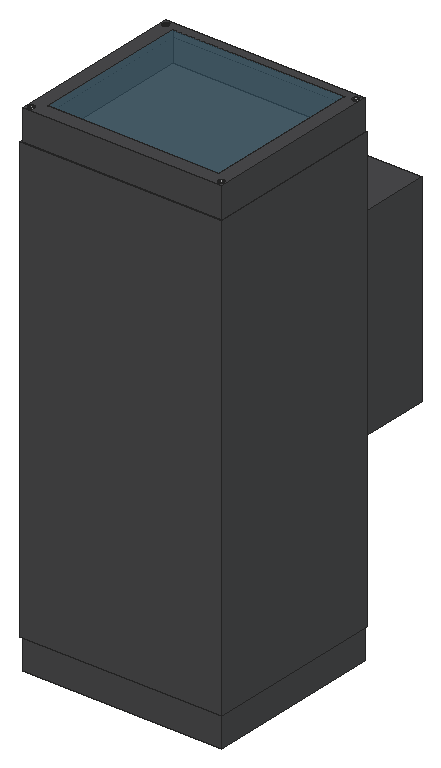
Revit family "LED QUADRATE 02_AM24W.2.32", category Luminarias, Revit 2019
Family settings
  Cota de conector redondo = Diámetro de uso
  Tipo de pieza = Normal
  Se basa en plano de trabajo = Sí
  Siempre vertical = No
  Corte con vacíos al cargar = No
  Origen de luz = Sí
  Compartido = No
  Punto de cálculo de habitación = No
Parameters (values of type "LED QUADRATE 02_AM24W.2.32")
  Ángulo de inclinación = 60.00°
  Ángulo de enfoque = 32.00°
  Ángulo de campo de foco = 32.00°
  Zone [instance] = ""
  Watt per fixture = 26.5
  Wattage = 26.5 W
  built-in parameter 1150107 = 3000 (stored number, unit not read)
  built-in parameter 1150110 = 1 (stored number, unit not read)
  built-in parameter 1150109 = 1 (stored number, unit not read)
  built-in parameter 1150112 = 1 (stored number, unit not read)
  built-in parameter 1150113 = 1 (stored number, unit not read)
  built-in parameter 1114218 = 1 (stored number, unit not read)
  Keynote = ""
  built-in parameter 1150137 = (empty or 0)
  built-in parameter 1150132 = (empty or 0)
  Modelo = "AM24W.2.32"
  Lámpara = "NICHIA"
  Longitud de símbolo de origen de luz = 1000 mm
  built-in parameter 1150105 = 8365.2 (stored number, unit not read)
  built-in parameter 1150102 = (empty or 0)
  built-in parameter 1150106 = 83.652 (stored number, unit not read)
  Lumens = 2501.86 lm
  Color Filter = 16777215
  built-in parameter 1114217 = 1 (stored number, unit not read)
  built-in parameter 1150139 = (empty or 0)
  Fabricante = "BRILLANT"
  Default Elevation = 0 mm
  built-in parameter 1150104 = 8.771 (stored number, unit not read)
  Descripción = "LUMINARIA DIRIGIBLE TIPO ARBOTANTE, DOBLE HAZ DE LUZ (UP & DOWN), DE MATERIAL EN ALUMINIO FUNDIDO A PRESION CUBIERTO CON POLVO GRIS OSCURO Y VIDRIO DE 3MM, CON UN PESO DE 3KG, CON 2 LED TIPO NICHIA Y UNA POTENCIA TOTAL DE 26.5W, 2X1251 LUMENES, TEMPERATURA EN BLANCO CALIDO 3000K, IRC 80, IP 65, IK 06, APERTURA DE 32 GRADOS POR PROYECTO, CORRIENTE DE OPERACIÓN 211mA, CABLE DE 0.3M, ALIMENTADO A 100-240VAC"
  built-in parameter 1150115 = 1 (stored number, unit not read)
  built-in parameter 1150114 = 1 (stored number, unit not read)
  Comentarios de vataje = "100-240V"
  built-in parameter 1150138 = (empty or 0)
  built-in parameter 1150134 = (empty or 0)
  Circuit [instance] = ""
  Dimming Lamp Color Temperature Shift = (empty or 0)
  built-in parameter 1150133 = 10 (stored number, unit not read)
Reference planes
  plane 1 "Centro (Frontal/Posterior)": y = 0
  plane 2: z = 0
  plane 3 "Centro (Izquierda/Derecha)": x = 0
Forms (mm)
  Revolve 1, solid, material "Cristal", not visible
    sketch origin (-152, 0, 0) x (0, 1, 0) y (0, 0, -1)
      loop
        line (0, -8.749) -> (0, -7.25) -> (-1.499, -7.25)
        arc (-1.499, -7.25) -> (-1.06, -8.31) -> (0, -8.749) r 1.499
      axis (0, -7.25) -> (-1.499, -7.25)
    angle from 0 to 360
  Revolve 2, solid, material "Cristal", not visible
    sketch origin (-136, 0, 0) x (0, 1, 0) y (0, 0, -1)
      loop
        line (0, -8.749) -> (0, -7.25) -> (-1.499, -7.25)
        arc (-1.499, -7.25) -> (-1.06, -8.31) -> (0, -8.749) r 1.499
      axis (0, -7.25) -> (-1.499, -7.25)
    angle from 0 to 360
  Revolve 3, solid, material "Cristal", not visible
    sketch origin (-120, 0, 0) x (0, 1, 0) y (0, 0, -1)
      loop
        line (0, -8.749) -> (0, -7.25) -> (-1.499, -7.25)
        arc (-1.499, -7.25) -> (-1.06, -8.31) -> (0, -8.749) r 1.499
      axis (0, -7.25) -> (-1.499, -7.25)
    angle from 0 to 360
  Revolve 4, solid, material "Cristal", not visible
    sketch origin (-104, 0, 0) x (0, 1, 0) y (0, 0, -1)
      loop
        line (0, -8.749) -> (0, -7.25) -> (-1.499, -7.25)
        arc (-1.499, -7.25) -> (-1.06, -8.31) -> (0, -8.749) r 1.499
      axis (0, -7.25) -> (-1.499, -7.25)
    angle from 0 to 360
  Revolve 5, solid, material "Cristal", not visible
    sketch origin (-88, 0, 0) x (0, 1, 0) y (0, 0, -1)
      loop
        line (0, -8.749) -> (0, -7.25) -> (-1.499, -7.25)
        arc (-1.499, -7.25) -> (-1.06, -8.31) -> (0, -8.749) r 1.499
      axis (0, -7.25) -> (-1.499, -7.25)
    angle from 0 to 360
  Revolve 6, solid, material "Cristal", not visible
    sketch origin (-72, 0, 0) x (0, 1, 0) y (0, 0, -1)
      loop
        line (0, -8.749) -> (0, -7.25) -> (-1.499, -7.25)
        arc (-1.499, -7.25) -> (-1.06, -8.31) -> (0, -8.749) r 1.499
      axis (0, -7.25) -> (-1.499, -7.25)
    angle from 0 to 360
  Revolve 7, solid, material "Cristal", not visible
    sketch origin (-56, 0, 0) x (0, 1, 0) y (0, 0, -1)
      loop
        line (0, -8.749) -> (0, -7.25) -> (-1.499, -7.25)
        arc (-1.499, -7.25) -> (-1.06, -8.31) -> (0, -8.749) r 1.499
      axis (0, -7.25) -> (-1.499, -7.25)
    angle from 0 to 360
  Revolve 8, solid, material "Cristal", not visible
    sketch origin (-40, 0, 0) x (0, 1, 0) y (0, 0, -1)
      loop
        line (0, -8.749) -> (0, -7.25) -> (-1.499, -7.25)
        arc (-1.499, -7.25) -> (-1.06, -8.31) -> (0, -8.749) r 1.499
      axis (0, -7.25) -> (-1.499, -7.25)
    angle from 0 to 360
  Revolve 9, solid, material "Cristal", not visible
    sketch origin (-24, 0, 0) x (0, 1, 0) y (0, 0, -1)
      loop
        line (0, -8.749) -> (0, -7.25) -> (-1.499, -7.25)
        arc (-1.499, -7.25) -> (-1.06, -8.31) -> (0, -8.749) r 1.499
      axis (0, -7.25) -> (-1.499, -7.25)
    angle from 0 to 360
  Revolve 10, solid, material "Cristal", not visible
    sketch origin (-8, 0, 0) x (0, 1, 0) y (0, 0, -1)
      loop
        line (0, -8.749) -> (0, -7.25) -> (-1.499, -7.25)
        arc (-1.499, -7.25) -> (-1.06, -8.31) -> (0, -8.749) r 1.499
      axis (0, -7.25) -> (-1.499, -7.25)
    angle from 0 to 360
  Revolve 11, solid, material "Cristal", not visible
    sketch origin (8, 0, 0) x (0, 1, 0) y (0, 0, -1)
      loop
        line (0, -8.749) -> (0, -7.25) -> (-1.499, -7.25)
        arc (-1.499, -7.25) -> (-1.06, -8.31) -> (0, -8.749) r 1.499
      axis (0, -7.25) -> (-1.499, -7.25)
    angle from 0 to 360
  Revolve 12, solid, material "Cristal", not visible
    sketch origin (24, 0, 0) x (0, 1, 0) y (0, 0, -1)
      loop
        line (0, -8.749) -> (0, -7.25) -> (-1.499, -7.25)
        arc (-1.499, -7.25) -> (-1.06, -8.31) -> (0, -8.749) r 1.499
      axis (0, -7.25) -> (-1.499, -7.25)
    angle from 0 to 360
  Revolve 13, solid, material "Cristal", not visible
    sketch origin (40, 0, 0) x (0, 1, 0) y (0, 0, -1)
      loop
        line (0, -8.749) -> (0, -7.25) -> (-1.499, -7.25)
        arc (-1.499, -7.25) -> (-1.06, -8.31) -> (0, -8.749) r 1.499
      axis (0, -7.25) -> (-1.499, -7.25)
    angle from 0 to 360
  Revolve 14, solid, material "Cristal", not visible
    sketch origin (56, 0, 0) x (0, 1, 0) y (0, 0, -1)
      loop
        line (0, -8.749) -> (0, -7.25) -> (-1.499, -7.25)
        arc (-1.499, -7.25) -> (-1.06, -8.31) -> (0, -8.749) r 1.499
      axis (0, -7.25) -> (-1.499, -7.25)
    angle from 0 to 360
  Revolve 15, solid, material "Cristal", not visible
    sketch origin (72, 0, 0) x (0, 1, 0) y (0, 0, -1)
      loop
        line (0, -8.749) -> (0, -7.25) -> (-1.499, -7.25)
        arc (-1.499, -7.25) -> (-1.06, -8.31) -> (0, -8.749) r 1.499
      axis (0, -7.25) -> (-1.499, -7.25)
    angle from 0 to 360
  Revolve 16, solid, material "Cristal", not visible
    sketch origin (88, 0, 0) x (0, 1, 0) y (0, 0, -1)
      loop
        line (0, -8.749) -> (0, -7.25) -> (-1.499, -7.25)
        arc (-1.499, -7.25) -> (-1.06, -8.31) -> (0, -8.749) r 1.499
      axis (0, -7.25) -> (-1.499, -7.25)
    angle from 0 to 360
  Revolve 17, solid, material "Cristal", not visible
    sketch origin (104, 0, 0) x (0, 1, 0) y (0, 0, -1)
      loop
        line (0, -8.749) -> (0, -7.25) -> (-1.499, -7.25)
        arc (-1.499, -7.25) -> (-1.06, -8.31) -> (0, -8.749) r 1.499
      axis (0, -7.25) -> (-1.499, -7.25)
    angle from 0 to 360
  Revolve 18, solid, material "Cristal", not visible
    sketch origin (120, 0, 0) x (0, 1, 0) y (0, 0, -1)
      loop
        line (0, -8.749) -> (0, -7.25) -> (-1.499, -7.25)
        arc (-1.499, -7.25) -> (-1.06, -8.31) -> (0, -8.749) r 1.499
      axis (0, -7.25) -> (-1.499, -7.25)
    angle from 0 to 360
  Revolve 19, solid, material "Cristal", not visible
    sketch origin (136, 0, 0) x (0, 1, 0) y (0, 0, -1)
      loop
        line (0, -8.749) -> (0, -7.25) -> (-1.499, -7.25)
        arc (-1.499, -7.25) -> (-1.06, -8.31) -> (0, -8.749) r 1.499
      axis (0, -7.25) -> (-1.499, -7.25)
    angle from 0 to 360
  Revolve 20, solid, material "Cristal", not visible
    sketch origin (152, 0, 0) x (0, 1, 0) y (0, 0, -1)
      loop
        line (0, -8.749) -> (0, -7.25) -> (-1.499, -7.25)
        arc (-1.499, -7.25) -> (-1.06, -8.31) -> (0, -8.749) r 1.499
      axis (0, -7.25) -> (-1.499, -7.25)
    angle from 0 to 360
  Extrusion 21, solid, material "Default Form"
    sketch origin (0, -22.645, 0) x (1, 0, 0) y (0, 1, 0)
      loop
        line (-50, -23.355) -> (-50, -113.355) -> (50, -113.355) -> (50, -23.355) -> (-50, -23.355)
    from 0 to 249.594
  Extrusion 22, void
    sketch origin (0, -22.645, 0) x (1, 0, 0) y (0, 1, 0)
      loop
        line (-42.5, -28.071) -> (-42.5, -105.586) -> (42.5, -105.586) -> (42.5, -28.071) -> (-42.5, -28.071)
    from 0 to 8.669
  Extrusion 23, solid, material "Cristal"
    sketch origin (0, -46, -127.046) x (0, -1, 0) y (1, 0, 0)
      loop
        line (4.715, -42.5) -> (82.231, -42.5) -> (82.231, 42.5) -> (4.715, 42.5) -> (4.715, -42.5)
    from 127.046 to 130.208
  Extrusion 24, void
    sketch origin (0, -46, -129.011) x (0, -1, 0) y (1, 0, 0)
      loop
        circle (3.34, -47.069) r 1.481
      loop
        circle (3.34, 47.069) r 1.481
      loop
        circle (86.66, -47.069) r 1.481
      loop
        circle (86.66, 47.069) r 1.481
    from 129.011 to 130.208
  Extrusion 25, solid, material "Acero Inoxidable"
    sketch origin (0, -46, 0) x (1, 0, 0) y (0, 1, 0)
      loop
        circle (-47.069, -3.34) r 1.228
      loop
        line (-48.018, -3.34) -> (-47.544, -4.162) -> (-46.595, -4.162) -> (-46.121, -3.34) -> (-46.595, -2.519) -> (-47.544, -2.519) -> (-48.018, -3.34)
      loop
        circle (47.069, -3.34) r 1.228
      loop
        line (46.121, -3.34) -> (46.595, -4.162) -> (47.544, -4.162) -> (48.018, -3.34) -> (47.544, -2.519) -> (46.595, -2.519) -> (46.121, -3.34)
      loop
        circle (47.069, -86.66) r 1.228
      loop
        line (46.121, -86.66) -> (46.595, -87.481) -> (47.544, -87.481) -> (48.018, -86.66) -> (47.544, -85.838) -> (46.595, -85.838) -> (46.121, -86.66)
      loop
        circle (-47.069, -86.66) r 1.228
      loop
        line (-48.018, -86.66) -> (-47.544, -87.481) -> (-46.595, -87.481) -> (-46.121, -86.66) -> (-46.595, -85.838) -> (-47.544, -85.838) -> (-48.018, -86.66)
    from 0 to 1.197
  Extrusion 26, solid, material "Default Form"
    sketch origin (0, 0, 0) x (1, 0, 0) y (0, 1, 0)
      loop
        line (-40.142, -46) -> (40.142, -46) -> (40.142, 0) -> (-40.142, 0) -> (-40.142, -46)
    from 91.302 to 190.909
  Extrusion 27, void
    sketch origin (0, 0, 0) x (1, 0, 0) y (0, 1, 0)
      loop
        line (-52.9, -44.226) -> (-52.9, -139.226) -> (52.893, -139.226) -> (52.893, -44.226) -> (-52.9, -44.226)
      loop
        line (-49.2, -46.8) -> (-49.2, -135.2) -> (49.2, -135.2) -> (49.2, -46.8) -> (-49.2, -46.8)
    from 0 to 15
  Revolve 28, void
    sketch origin (0, -89.473, 0) x (1, 0, 0) y (0, 0, -1)
      loop
        spline (0, -15) -> (2.98, -14.946) -> (5.908, -14.784) -> (8.736, -14.518) -> (11.414, -14.152) -> (13.897, -13.692) -> (16.142, -13.146) -> (18.111, -12.523) -> (19.77, -11.834) -> (21.091, -11.092) -> (22.051, -10.307) -> (22.633, -9.495) -> (22.829, -8.669)
        line (22.829, -8.669) -> (0, -8.669) -> (0, -15)
      axis (0, -8.669) -> (0, -15)
    angle from 0 to 360
  Extrusion 29, solid, material "Cristal"
    sketch origin (0, -46, 119.386) x (1, 0, 0) y (0, 1, 0)
      loop
        line (-42.5, -4.715) -> (-42.5, -82.231) -> (42.5, -82.231) -> (42.5, -4.715) -> (-42.5, -4.715)
    from 127.046 to 130.208
  Extrusion 30, void
    sketch origin (0, -22.645, 234.594) x (0, -1, 0) y (1, 0, 0)
      loop
        line (28.071, -42.5) -> (105.586, -42.5) -> (105.586, 42.5) -> (28.071, 42.5) -> (28.071, -42.5)
    from 0 to 8.669
  Extrusion 31, void
    sketch origin (0, 0, 234.594) x (0, -1, 0) y (1, 0, 0)
      loop
        line (44.226, -52.9) -> (139.226, -52.9) -> (139.226, 52.893) -> (44.226, 52.893) -> (44.226, -52.9)
      loop
        line (46.8, -49.2) -> (135.2, -49.2) -> (135.2, 49.2) -> (46.8, 49.2) -> (46.8, -49.2)
    from 0 to 15
  Revolve 32, void
    sketch origin (0, -89.473, 249.739) x (1, 0, 0) y (0, 0, -1)
      loop
        line (0, 15) -> (0, 8.669) -> (22.829, 8.669)
        spline (22.829, 8.669) -> (22.633, 9.495) -> (22.051, 10.307) -> (21.091, 11.092) -> (19.77, 11.834) -> (18.111, 12.523) -> (16.142, 13.146) -> (13.897, 13.692) -> (11.414, 14.152) -> (8.736, 14.518) -> (5.908, 14.784) -> (2.98, 14.946) -> (0, 15)
      axis (0, 8.669) -> (0, 15)
    angle from 0 to 360
  Extrusion 33, void
    sketch origin (0, -46, 119.386) x (1, 0, 0) y (0, 1, 0)
      loop
        circle (-47.069, -3.34) r 1.481
      loop
        circle (47.069, -3.34) r 1.481
      loop
        circle (-47.069, -86.66) r 1.481
      loop
        circle (47.069, -86.66) r 1.481
    from 129.011 to 130.208
  Extrusion 34, solid, material "Acero Inoxidable"
    sketch origin (0, -46, 248.397) x (0, -1, 0) y (1, 0, 0)
      loop
        circle (3.34, -47.069) r 1.228
      loop
        line (3.34, -48.018) -> (4.162, -47.544) -> (4.162, -46.595) -> (3.34, -46.121) -> (2.519, -46.595) -> (2.519, -47.544) -> (3.34, -48.018)
      loop
        circle (3.34, 47.069) r 1.228
      loop
        line (3.34, 46.121) -> (4.162, 46.595) -> (4.162, 47.544) -> (3.34, 48.018) -> (2.519, 47.544) -> (2.519, 46.595) -> (3.34, 46.121)
      loop
        circle (86.66, 47.069) r 1.228
      loop
        line (86.66, 46.121) -> (87.481, 46.595) -> (87.481, 47.544) -> (86.66, 48.018) -> (85.838, 47.544) -> (85.838, 46.595) -> (86.66, 46.121)
      loop
        circle (86.66, -47.069) r 1.228
      loop
        line (86.66, -48.018) -> (87.481, -47.544) -> (87.481, -46.595) -> (86.66, -46.121) -> (85.838, -46.595) -> (85.838, -47.544) -> (86.66, -48.018)
    from 0 to 1.197
  Extrusion 35, void
    sketch origin (0, 0, 0) x (1, 0, 0) y (0, 1, 0)
      loop
        line (-42.5, -50.715) -> (-42.5, -128.231) -> (42.5, -128.231) -> (42.5, -50.715) -> (-42.5, -50.715)
    from 234.594 to 249.594
Cuts and joins
  Extrusion 22, Extrusion 24, Extrusion 27, Revolve 28, Extrusion 30, Extrusion 31, Revolve 32, Extrusion 33, Extrusion 35 cuts Extrusion 21
  Extrusion 30, Extrusion 35 cuts Extrusion 23
  Extrusion 33 cuts Extrusion 25
Lines and regions (mm)
  model lines
    curve 1: line (0, -136, 0) -> (0, 0, 0)
Dimensions and locks
  equal spacing: Extrusion 21 sketch curve, plane 3 "Centro (Izquierda/Derecha)", Extrusion 21 sketch curve
  Extrusion 21 sketch curve to plane 3 "Centro (Izquierda/Derecha)" = 50 mm
  Extrusion 21 sketch curve to Extrusion 21 sketch curve = 90 mm
  cut or joined group 1 (Extrusion 21, Extrusion 22, Extrusion 24, Extrusion 27, Revolve 28, Extrusion 30, Extrusion 31, Revolve 32, Extrusion 33, Extrusion 35) to cut or joined group 1 = 249.594 mm
  cut or joined group 1 to cut or joined group 1 = 100 mm
  cut or joined group 1 to cut or joined group 1 = 90 mm
  equal spacing: Extrusion 26 sketch curve, curve 1, Extrusion 26 sketch curve
  locked: Extrusion 26 to Extrusion 26 at 99.607
  Extrusion 26 to Extrusion 26 = 80.283 mm
  aligned and locked: level to plane 2
  aligned and locked: cut or joined group 1 to Extrusion 25
Connectors
  electrical at (0, 0, 141.106)
    settings: on Extrusion 26, index 1, voltage 240 V, apparent load 0 VA, apparent load phase1 0 VA, apparent load phase2 0 VA, apparent load phase3 0 VA, power factor 1, load classification "Otro", number of poles 1, system type 31, power factor state 1, is connector primary yes, connector utility no, sub classification motor no, connector description ""
